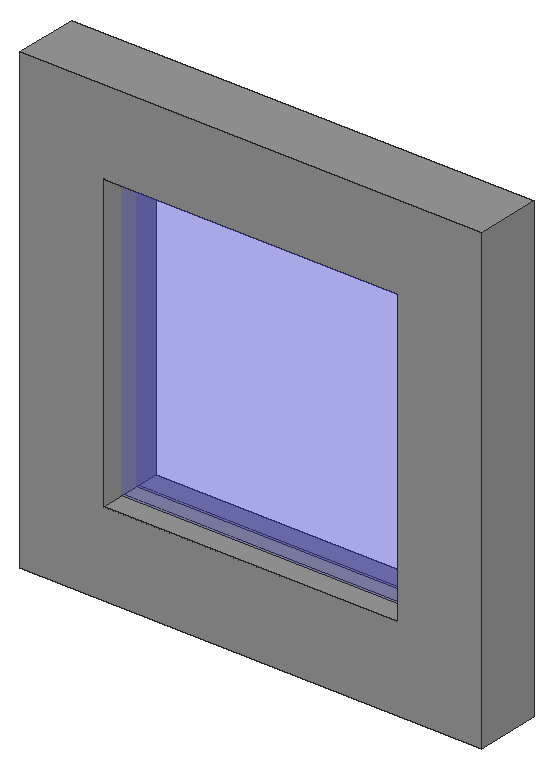
Revit family "Family1", category Windows, host Wall, Revit 2018
Family settings
  Host = Wall
  OmniClass Number = 23.30.20.00
  OmniClass Title = Windows
  Always vertical = Yes
  Cut with Voids When Loaded = No
  Shared = No
  Room Calculation Point = No
Parameters
  Window Width = 84 mm
  Window Thickness = 4 mm
  Visual Light Transmittance = 0.81
  URL = "www.skywardwindows.co.za"
  Thermal Resistance (R) = 0.3196 (m²·K)/W
  Telephone = "021 276 1800"
  Solar Heat Gain Coefficient = 0.76
  Glass = Glass
  Window = White
  Manufacturer = "Skyward Windows"
  Height = 600 mm
  Heat Transfer Coefficient (U) = 3.1292 W/(m²·K)
  Email Address = "info@skywardwindows.co.za"
  Default Sill Height = 800 mm
  Wall Closure = By host
  Width = 600 mm
  Company Address = "Charles Matthews Street Atlantis 7349"
  Analytic Construction = "Double glazing - domestic"
Reference planes
  plane 1 "Center (Front/Back)": y = 0
  plane 2 "Center (Left/Right)": x = 0
  plane 3 "Left": x = -300
  plane 4 "Right": x = 300
  plane 5 "Sill": z = 800
  plane 6 "Head": z = 1400
  plane 7 "Exterior": y = 100
  plane 8 "Interior": y = -100
Forms (mm)
  Extrusion 1, solid, material "White" <- "Window"
    sketch origin (0, -100, 0) x (1, 0, 0) y (0, 0, 1)
      loop
        line (-300, 1400) -> (-300, 800) -> (300, 800) -> (300, 1400) -> (-300, 1400)
      loop
        line (-191, 909) -> (191, 909) -> (191, 1291) -> (-191, 1291) -> (-191, 909)
    from -142 to -58
  Extrusion 2, solid, material "Glass" <- "Glass"
    sketch origin (0, 0, 0) x (1, 0, 0) y (0, 1, 0)
      loop
        line (-191, -10) -> (-191, -14) -> (191, -14) -> (191, -10) -> (-191, -10)
      loop
        line (-191, 14) -> (-191, 10) -> (191, 10) -> (191, 14) -> (-191, 14)
    from 909 to 1291
Lines and regions (mm)
  Opening 1
    outline origin (3500, -100, 0) x (1, 0, 0) y (0, 0, 1)
      loop
        line (-3200, 800) -> (-3200, 1400) -> (-3800, 1400) -> (-3800, 800) -> (-3200, 800)
Text (mm)
  text "EXTERIOR" at (-1963.203, 1332.353, 0), in view "Ref. Level"
  text "INTERIOR" at (-1981.466, -818.386, 0), in view "Ref. Level"
  text "Exterior" at (0, 923.751, 2943.296), in view "Right"
  text "Exterior" at (0, 1040.484, 2685.409), in view "Left"
Dimensions and locks
  equal spacing: plane 3 "Left", plane 2 "Center (Left/Right)", plane 4 "Right"
  "Width": plane 3 "Left" to plane 4 "Right"
  "Height": plane 5 "Sill" to plane 6 "Head"
  "Default Sill Height": plane 5 "Sill" to level
  locked: plane 7 "Exterior" to host wall at 0
  locked: plane 8 "Interior" to host wall
  "Window Width": Extrusion 1 to Extrusion 1
  "Window Thickness": Extrusion 2 to Extrusion 2  (x2)
  aligned and locked: Extrusion 1 sketch curve to host wall  (x4)
  aligned and locked: Extrusion 2 to Extrusion 1  (x2)
Automatic sketch dimensions
  Opening 1 sketch curve to plane 3 "Left" = 0 mm
  Opening 1 sketch curve to plane 4 "Right" = 0 mm
  Opening 1 sketch curve to plane 5 "Sill" = 0 mm
  Opening 1 sketch curve to plane 6 "Head" = 0 mm
  Extrusion 1 sketch curve to plane 3 "Left" = 109 mm
  plane 4 "Right" to Extrusion 1 sketch curve = 109 mm
  Extrusion 1 sketch curve to plane 5 "Sill" = 109 mm
  plane 6 "Head" to Extrusion 1 sketch curve = 109 mm
  Extrusion 2 sketch curve to plane 3 "Left" = 109 mm  (x2)
  plane 4 "Right" to Extrusion 2 sketch curve = 109 mm  (x2)
  host wall to Extrusion 2 sketch curve = 10 mm
  Extrusion 2 sketch curve to Extrusion 2 sketch curve = 4 mm  (x2)
  Extrusion 2 sketch curve to host wall = 10 mm
